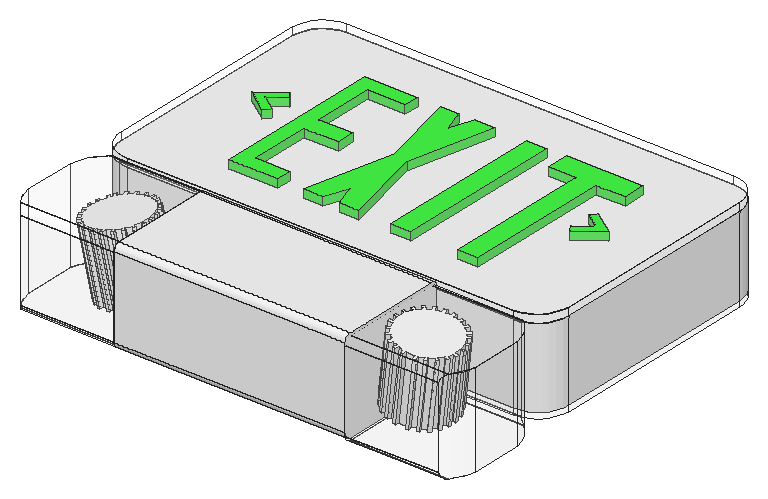
Revit family "DYNC_Wall", category Lighting Fixtures, host Face, Revit 2021
Family settings
  Host = Face
  Round Connector Dimension = Use Diameter
  Part Type = Normal
  OmniClass Number = 23.80.70.11.21
  OmniClass Title = Emergency Lighting
  Cut with Voids When Loaded = No
  Light Source = No
  Shared = No
  Room Calculation Point = No
Parameters (values of type "DYNC-D-G")
  zz Length 1 [instance] = if(Single Face, 0.200", 0.250")  # 0.200"
  Watts = 3.72 W
  Wattage Comments = "3.72 W"
  Warranty = "Fixture: 5 Years Full; Battery: 2 Years Full, 8 Years Pro-Rata"  # constant formula
  Wall Plate Material = Black
  Voltage [instance] = if(Is 120VAC, 120 V, 277 V)  # 120 V
  URL = "https://www.currentlighting.com/dual-lite"
  Type Comments = "Exit Light"  # constant formula
  Single Face = yes
  Product Page URL = ""
  Product Documentation Link = ""
  Model = "DYNC"  # constant formula
  Manufacturer = "DUAL-LITE"  # constant formula
  Load Classification = Lighting
  Lens = Green Glass
  Lamp = "LED Lamp"  # constant formula
  Is 277VAC [instance] = not(Is 120VAC)  # no
  Is 120VAC [instance] = yes
  Holder Material = Steel
  Glass = Light Glass
  Finish = White
  Features = "NEMA 4X Rated\r\nUL Sanitation Certified\r\nFull Lumen output over 90 minutes of battery discharge\r\nHeavy Duty die-cast construction with polycarbonate shields\r\nLong-life Lithium Iron Phosphate battery\r\nRed or Green Letters in White or Black Finish\r\nWall, Ceiling or End Mount"  # constant formula
  Double Face = yes
  Description = "DYNC Series is a highly versatile superior lumen output, industrial application combination Exit/Emergency lighting unit designed to provide a minimum of 90 minutes illumination when primary power is lost."  # constant formula
  Default Elevation = 48.000"
  Certification = "UL 924 Listed\r\nNFPA 101 Life Safety Code\r\nCEC T20 Compliant"  # constant formula
  Ceiling = Wall : W1
  Application = "NEMA 4 X, Wet, Industrial"  # constant formula
  Apparent Load = Watts  # 3.72 VA
Types (4): name | Lens | Double Face
  DYNC-S-R | Red Glass | no
  DYNC-S-G | Green Glass | no
  DYNC-D-G | Green Glass | yes
  DYNC-D-R | Red Glass | yes
Reference planes (in)
  plane 1 "Center (Front/Back)": y = 0
  plane 2: z = 0
  plane 3 "Center (Left/Right)": x = 0
  plane 4: x = -6.25
  plane 5: x = 6.25
  plane 6: x = -2.75
  plane 7: x = 2.75
  plane 8: z = 9.3
  plane 9: y = -1.25
  plane 10: y = 1.25
  plane 11: y = -2.2
  plane 12: y = 2.2
Forms (in)
  Extrusion 1, solid, material "Black" <- "Wall Plate Material"
    sketch origin (-0.33698, -0.33698, 0) x (1, 0, 0) y (0, 0, 1)
      loop
        line (2.20258, 0) -> (2.20258, 0.24288) -> (1.0795, 0.24288)
        arc (1.0795, 0.24288) -> (0.94157, 0.42301) -> (0.97906, 0.64676) r 0.28476
        line (0.97906, 0.64676) -> (-0.97906, 0.64676)
        arc (-0.97906, 0.64676) -> (-0.94157, 0.42301) -> (-1.0795, 0.24288) r 0.28476
        line (-1.0795, 0.24288) -> (-2.20258, 0.24288) -> (-2.20258, 0) -> (2.20258, 0)
    from -2.75 to 2.75
Dimensions and locks (in)
  plane 4 to plane 3 "Center (Left/Right)" = 6.250"
  equal spacing: plane 4, plane 3 "Center (Left/Right)", plane 5
  equal spacing: plane 6, plane 3 "Center (Left/Right)", plane 7
  plane 6 to plane 3 "Center (Left/Right)" = 2.750"
  plane 7 to plane 6 = 5.500"
  plane 5 to plane 4 = 12.500"
  aligned and locked: plane 2 to host face
  aligned and locked: level to host face
Automatic sketch dimensions
  host sketch curve to host sketch curve = 96.000"  (x2)
  Extrusion 1 sketch curve to level = 0.000"
  plane 6 to Extrusion 1 sketch curve = 0.21043"
  level to Extrusion 1 sketch curve = 0.49173"
  Extrusion 1 sketch curve to Extrusion 1 sketch curve = 0.98467"
  Extrusion 1 sketch curve to Extrusion 1 sketch curve = 0.13842"  (x2)
  Extrusion 1 sketch curve to Extrusion 1 sketch curve = 0.23886"
  plane 3 "Center (Left/Right)" to Extrusion 1 sketch curve = 0.64208"
  Extrusion 1 sketch curve to Extrusion 1 sketch curve = 0.10044"
  level to Extrusion 1 sketch curve = 0.24288"
  Extrusion 1 sketch curve to plane 7 = 0.8844"
  Extrusion 1 sketch curve to Extrusion 1 sketch curve = 0.24288"
Nested families (in)
  nested 1: "Wall" at (-0.3125, 0, 0.5625) x (-1, 0, 0) z (0, 0, 1), type <- "Ceiling", type "W1"
  nested 2: "Light Source" at (-4.86452, -5.18717, 3.416) x (-0.9925, 0.1219, 0) z (0, 0, 1), type "ies"
  nested 3: "Light Source" at (4.86452, -5.18717, 3.416) x (0.9925, 0.1219, 0) z (0, 0, 1), type "ies"
Connectors (in)
  electrical at (-0.33698, -0.33698, 0), driven by "Voltage", driven by "Apparent Load"
    settings: on Extrusion 1, index 1, voltage 120 V, apparent load 3.72 VA, apparent load phase1 0 VA, apparent load phase2 0 VA, apparent load phase3 0 VA, power factor 1, load classification "Other", number of poles 1, system type 30, power factor state 1, is connector primary yes, connector utility no, sub classification motor no, connector description "Lighting Connector"
Definition of nested family "Wall"
  Parameters
    Width = 3.100"
    Single Face = yes
    Lens = none
    Glass = none
    Finish = none
    Double Face = no
    Default Elevation = 0.000"
  Reference planes (in)
    plane 1 "Center (Front/Back)": y = 0
    plane 2: z = 0
    plane 3 "Center (Left/Right)": x = 0
    plane 4: x = -7.375
    plane 5: x = 7.375
    plane 6: z = 9.055
    plane 7: y = -1.55
    plane 8: y = 1.55
    plane 9: z = 12.8
    plane 10: z = 13.6
  Forms (in)
    Extrusion 1, solid, material <- "Finish"
      sketch origin (0, -6.83898, 1.52843) x (1, 0, 0) y (0, 1, 0)
        loop
          arc (-6.375, 9.3) -> (-7.08211, 9.00711) -> (-7.375, 8.3) r 1
          line (-7.375, 8.3) -> (-7.375, 1.25)
          arc (-7.375, 1.25) -> (-7.08211, 0.54289) -> (-6.375, 0.25) r 1
          line (-6.375, 0.25) -> (6.375, 0.25)
          arc (6.375, 0.25) -> (7.08211, 0.54289) -> (7.375, 1.25) r 1
          line (7.375, 1.25) -> (7.375, 8.3)
          arc (7.375, 8.3) -> (7.08211, 9.00711) -> (6.375, 9.3) r 1
          line (6.375, 9.3) -> (-6.375, 9.3)
      from -1.3125 to 1.3125
    Extrusion 2, solid, material <- "Lens", visible <- "Single Face"
      sketch origin (0, -5.58898, 2.21593) x (1, 0, 0) y (0, 1, 0)
        loop
          line (-4.88814, 3.88778) -> (-5.7073, 3.3142) -> (-4.88814, 2.74063) -> (-4.74475, 2.94542) -> (-5.27143, 3.3142) -> (-4.74475, 3.68299) -> (-4.88814, 3.88778)
        loop
          line (5.26314, 3.88778) -> (5.11975, 3.68299) -> (5.64643, 3.3142) -> (5.11975, 2.94542) -> (5.26314, 2.74063) -> (6.0823, 3.3142) -> (5.26314, 3.88778)
        loop
          line (2.68416, 6.45678) -> (2.68416, 5.97564) -> (3.8216, 5.97564) -> (3.8216, 3.97225) -> (2.68416, 3.97225) -> (2.68416, 3.36683) -> (3.80274, 3.3823) -> (3.80274, 1.3823) -> (2.55274, 1.3823) -> (2.55274, 0.8823) -> (4.30274, 0.8823) -> (4.30274, 6.45678) -> (2.68416, 6.45678)
        loop
          line (1.83093, 6.45573) -> (1.20036, 6.45573) -> (0.92318, 5.69418) -> (0.646, 6.45573) -> (0.01543, 6.45573) -> (0.65867, 3.66954) -> (0.01543, 0.88335) -> (0.646, 0.88335) -> (0.92318, 1.64489) -> (1.20036, 0.88335) -> (1.78078, 0.88335) -> (1.16261, 3.56092) -> (1.83093, 6.45573)
        loop
          line (-1.71319, 6.47228) -> (-1.71319, 0.88335) -> (-1.04357, 0.88335) -> (-1.04357, 6.47228) -> (-1.71319, 6.47228)
        loop
          line (-2.38057, 0.88335) -> (-2.38057, 1.61488) -> (-3.25288, 1.61488) -> (-3.25288, 6.47228) -> (-3.9225, 6.47228) -> (-3.9225, 1.61488) -> (-4.89234, 1.61488) -> (-4.89234, 0.88335) -> (-2.38057, 0.88335)
      from 0.625 to 0.89107
    Extrusion 3, solid, material <- "Glass", visible <- "Single Face"
      sketch origin (0, -6.83898, 2.21593) x (1, 0, 0) y (0, 1, 0)
        loop
          line (-7.375, 8.305) -> (-7.375, 1.25)
          arc (-7.375, 1.25) -> (-7.08211, 0.54289) -> (-6.375, 0.25) r 1
          line (-6.375, 0.25) -> (6.375, 0.25)
          arc (6.375, 0.25) -> (7.08211, 0.54289) -> (7.375, 1.25) r 1
          line (7.375, 1.25) -> (7.375, 8.305)
          arc (7.375, 8.305) -> (7.08211, 9.01211) -> (6.375, 9.305) r 1
          line (6.375, 9.305) -> (-6.375, 9.305)
          arc (-6.375, 9.305) -> (-7.08211, 9.01211) -> (-7.375, 8.305) r 1
      from 0.625 to 0.89107
    Extrusion 4, solid, material <- "Glass", visible <- "Double Face"
      sketch origin (0, -6.83898, 0.84093) x (0, -1, 0) y (-1, 0, 0)
        loop
          line (-8.3, -7.375) -> (-1.25, -7.375)
          arc (-1.25, -7.375) -> (-0.54289, -7.08211) -> (-0.25, -6.375) r 1
          line (-0.25, -6.375) -> (-0.25, 6.375)
          arc (-0.25, 6.375) -> (-0.54289, 7.08211) -> (-1.25, 7.375) r 1
          line (-1.25, 7.375) -> (-8.3, 7.375)
          arc (-8.3, 7.375) -> (-9.00711, 7.08211) -> (-9.3, 6.375) r 1
          line (-9.3, 6.375) -> (-9.3, -6.375)
          arc (-9.3, -6.375) -> (-9.00711, -7.08211) -> (-8.3, -7.375) r 1
      from 0.625 to 0.84093
    Extrusion 5, solid, material <- "Finish"
      sketch origin (0, -6.58898, 1.5535) x (0, 0, -1) y (0, 1, 0)
        loop
          arc (1.40408, 9.05) -> (1.50726, 9.09274) -> (1.55, 9.19592) r 0.14592
          line (1.55, 9.19592) -> (1.55, 12.58698)
          arc (1.55, 12.58698) -> (1.48761, 12.73761) -> (1.33698, 12.8) r 0.21302
          line (1.33698, 12.8) -> (-1.33575, 12.8)
          arc (-1.33575, 12.8) -> (-1.48725, 12.73725) -> (-1.55, 12.58575) r 0.21425
          line (-1.55, 12.58575) -> (-1.55, 9.2302)
          arc (-1.55, 9.2302) -> (-1.49722, 9.10278) -> (-1.3698, 9.05) r 0.1802
          line (-1.3698, 9.05) -> (1.40408, 9.05)
      from -3.80274 to 3.8216
    Extrusion 6, solid, material <- "Glass"
      sketch origin (-8.5, -6.58898, 1.45975) x (0, 0, -1) y (0, 1, 0)
        loop
          arc (1.40408, 9.05) -> (1.50726, 9.09274) -> (1.55, 9.19592) r 0.14592
          line (1.55, 9.19592) -> (1.55, 12.58698)
          arc (1.55, 12.58698) -> (1.48761, 12.73761) -> (1.33698, 12.8) r 0.21302
          line (1.33698, 12.8) -> (-1.33575, 12.8)
          arc (-1.33575, 12.8) -> (-1.48725, 12.73725) -> (-1.55, 12.58575) r 0.21425
          line (-1.55, 12.58575) -> (-1.55, 9.2302)
          arc (-1.55, 9.2302) -> (-1.49722, 9.10278) -> (-1.3698, 9.05) r 0.1802
          line (-1.3698, 9.05) -> (1.40408, 9.05)
      from 1.125 to 4.69726
    Extrusion 7, solid, material <- "Glass"
      sketch origin (8.5, -6.58898, 1.5535) x (0, 0, -1) y (0, -1, 0)
        loop
          line (1.40408, -9.05) -> (-1.3698, -9.05)
          arc (-1.3698, -9.05) -> (-1.49722, -9.10278) -> (-1.55, -9.2302) r 0.1802
          line (-1.55, -9.2302) -> (-1.55, -12.58575)
          arc (-1.55, -12.58575) -> (-1.48725, -12.73725) -> (-1.33575, -12.8) r 0.21425
          line (-1.33575, -12.8) -> (1.33698, -12.8)
          arc (1.33698, -12.8) -> (1.48761, -12.73761) -> (1.55, -12.58698) r 0.21302
          line (1.55, -12.58698) -> (1.55, -9.19592)
          arc (1.55, -9.19592) -> (1.50726, -9.09274) -> (1.40408, -9.05) r 0.14592
      from 1.125 to 4.69726
    Extrusion 8, void
      sketch origin (0.03125, -6.58898, 1.5535) x (1, 0, 0) y (0, 1, 0)
        loop
          line (-6.4079, 13.16468) -> (-7.87985, 13.16468) -> (-7.87985, 9.05) -> (-6.6482, 9.05)
          arc (-6.6482, 9.05) -> (-7.21595, 9.64124) -> (-7.4355, 10.43099) r 1.67637
          line (-7.4355, 10.43099) -> (-7.4355, 11.60825)
          arc (-7.4355, 11.60825) -> (-7.14621, 12.53469) -> (-6.4079, 13.16468) r 1.75073
      from -1.74651 to 1.7598
    Extrusion 9, void
      sketch origin (-0.03125, -6.58898, 1.5535) x (-1, 0, 0) y (0, -1, 0)
        loop
          arc (-6.4079, -13.16468) -> (-7.14621, -12.53469) -> (-7.4355, -11.60825) r 1.75073
          line (-7.4355, -11.60825) -> (-7.4355, -10.43099)
          arc (-7.4355, -10.43099) -> (-7.21595, -9.64124) -> (-6.6482, -9.05) r 1.67637
          line (-6.6482, -9.05) -> (-7.87985, -9.05) -> (-7.87985, -13.16468) -> (-6.4079, -13.16468)
      from -1.74651 to 1.7598
    Extrusion 10, solid, material <- "Finish"
      sketch origin (1.24099, -6.1957, 3.49858) x (-0.984206, -0.060547, -0.166352) y (0.045818, -0.994797, 0.090997)
        loop
          line (5.62448, -11.89005) -> (5.62448, -12.01258) -> (5.71473, -12.01258) -> (5.71473, -11.89413)
          arc (5.71473, -11.89413) -> (5.84526, -11.88558) -> (5.97355, -11.86006) r 1
          line (5.97355, -11.86006) -> (6.00421, -11.97447) -> (6.09138, -11.95111) -> (6.05967, -11.83276)
          arc (6.05967, -11.83276) -> (6.13876, -11.79978) -> (6.21473, -11.76016) r 1
          line (6.21473, -11.76016) -> (6.27395, -11.86274) -> (6.35212, -11.81761) -> (6.29085, -11.7115)
          arc (6.29085, -11.7115) -> (6.35871, -11.65918) -> (6.42184, -11.60124) r 1
          line (6.42184, -11.60124) -> (6.50559, -11.68499) -> (6.56941, -11.62117) -> (6.48277, -11.53453)
          arc (6.48277, -11.53453) -> (6.53477, -11.46643) -> (6.58076, -11.39413) r 1
          line (6.58076, -11.39413) -> (6.68333, -11.45336) -> (6.72846, -11.37519) -> (6.62235, -11.31393)
          arc (6.62235, -11.31393) -> (6.65495, -11.23469) -> (6.68066, -11.15295) r 1
          line (6.68066, -11.15295) -> (6.79507, -11.18361) -> (6.81843, -11.09643) -> (6.70007, -11.06472)
          arc (6.70007, -11.06472) -> (6.71106, -10.97974) -> (6.71473, -10.89413) r 1
          line (6.71473, -10.89413) -> (6.83318, -10.89413) -> (6.83318, -10.80388) -> (6.71065, -10.80388)
          arc (6.71065, -10.80388) -> (6.69927, -10.71895) -> (6.68066, -10.63531) r 1
          line (6.68066, -10.63531) -> (6.79507, -10.60466) -> (6.77171, -10.51748) -> (6.65335, -10.54919)
          arc (6.65335, -10.54919) -> (6.62038, -10.4701) -> (6.58076, -10.39413) r 1
          line (6.58076, -10.39413) -> (6.68333, -10.33491) -> (6.63821, -10.25675) -> (6.53209, -10.31801)
          arc (6.53209, -10.31801) -> (6.50808, -10.28537) -> (6.48277, -10.25373) r 1
          line (6.48277, -10.25373) -> (6.56941, -10.16709) -> (6.50559, -10.10327) -> (6.42184, -10.18702)
          arc (6.42184, -10.18702) -> (6.35871, -10.12909) -> (6.29085, -10.07677) r 1
          line (6.29085, -10.07677) -> (6.35212, -9.97065) -> (6.27395, -9.92553) -> (6.21473, -10.02811)
          arc (6.21473, -10.02811) -> (6.13876, -9.98848) -> (6.05967, -9.95551) r 1
          line (6.05967, -9.95551) -> (6.09138, -9.83715) -> (6.00421, -9.81379) -> (5.97355, -9.92821)
          arc (5.97355, -9.92821) -> (5.88991, -9.9096) -> (5.80498, -9.89821) r 1
          line (5.80498, -9.89821) -> (5.80498, -9.77568) -> (5.71473, -9.77568) -> (5.71473, -9.89413)
          arc (5.71473, -9.89413) -> (5.62912, -9.8978) -> (5.54415, -9.90879) r 1
          line (5.54415, -9.90879) -> (5.51243, -9.79043) -> (5.42525, -9.81379) -> (5.45591, -9.92821)
          arc (5.45591, -9.92821) -> (5.37417, -9.95391) -> (5.29493, -9.98651) r 1
          line (5.29493, -9.98651) -> (5.23367, -9.8804) -> (5.15551, -9.92553) -> (5.21473, -10.02811)
          arc (5.21473, -10.02811) -> (5.14243, -10.07409) -> (5.07433, -10.12609) r 1
          line (5.07433, -10.12609) -> (4.98769, -10.03945) -> (4.92387, -10.10327) -> (5.00762, -10.18702)
          arc (5.00762, -10.18702) -> (4.94969, -10.25015) -> (4.89737, -10.31801) r 1
          line (4.89737, -10.31801) -> (4.79125, -10.25675) -> (4.74613, -10.33491) -> (4.8487, -10.39413)
          arc (4.8487, -10.39413) -> (4.80908, -10.4701) -> (4.77611, -10.54919) r 1
          line (4.77611, -10.54919) -> (4.65775, -10.51748) -> (4.63439, -10.60466) -> (4.7488, -10.63531)
          arc (4.7488, -10.63531) -> (4.73019, -10.71895) -> (4.71881, -10.80388) r 1
          line (4.71881, -10.80388) -> (4.59628, -10.80388) -> (4.59628, -10.89413) -> (4.71473, -10.89413)
          arc (4.71473, -10.89413) -> (4.7184, -10.97974) -> (4.72939, -11.06472) r 1
          line (4.72939, -11.06472) -> (4.61103, -11.09643) -> (4.63439, -11.18361) -> (4.7488, -11.15295)
          arc (4.7488, -11.15295) -> (4.77451, -11.23469) -> (4.80711, -11.31393) r 1
          line (4.80711, -11.31393) -> (4.701, -11.37519) -> (4.74613, -11.45336) -> (4.8487, -11.39413)
          arc (4.8487, -11.39413) -> (4.89469, -11.46643) -> (4.94669, -11.53453) r 1
          line (4.94669, -11.53453) -> (4.86005, -11.62117) -> (4.92387, -11.68499) -> (5.00762, -11.60124)
          arc (5.00762, -11.60124) -> (5.07075, -11.65918) -> (5.13861, -11.7115) r 1
          line (5.13861, -11.7115) -> (5.07734, -11.81761) -> (5.15551, -11.86274) -> (5.21473, -11.76016)
          arc (5.21473, -11.76016) -> (5.2907, -11.79978) -> (5.36979, -11.83276) r 1
          line (5.36979, -11.83276) -> (5.33808, -11.95111) -> (5.42525, -11.97447) -> (5.45591, -11.86006)
          arc (5.45591, -11.86006) -> (5.53955, -11.87867) -> (5.62448, -11.89005) r 1
      from -1.05758 to 1.28743
    Extrusion 11, solid, material <- "Finish"
      sketch origin (-1.24099, -6.22603, 3.31504) x (0.984206, -0.057635, -0.167383) y (0.045818, 0.996233, -0.073622)
        loop
          arc (5.62448, 11.89005) -> (5.53955, 11.87867) -> (5.45591, 11.86006) r 1
          line (5.45591, 11.86006) -> (5.42525, 11.97447) -> (5.33808, 11.95111) -> (5.36979, 11.83276)
          arc (5.36979, 11.83276) -> (5.2907, 11.79978) -> (5.21473, 11.76016) r 1
          line (5.21473, 11.76016) -> (5.15551, 11.86274) -> (5.07734, 11.81761) -> (5.13861, 11.7115)
          arc (5.13861, 11.7115) -> (5.07075, 11.65918) -> (5.00762, 11.60124) r 1
          line (5.00762, 11.60124) -> (4.92387, 11.68499) -> (4.86005, 11.62117) -> (4.94669, 11.53453)
          arc (4.94669, 11.53453) -> (4.89469, 11.46643) -> (4.8487, 11.39413) r 1
          line (4.8487, 11.39413) -> (4.74613, 11.45336) -> (4.701, 11.37519) -> (4.80711, 11.31393)
          arc (4.80711, 11.31393) -> (4.77451, 11.23469) -> (4.7488, 11.15295) r 1
          line (4.7488, 11.15295) -> (4.63439, 11.18361) -> (4.61103, 11.09643) -> (4.72939, 11.06472)
          arc (4.72939, 11.06472) -> (4.7184, 10.97974) -> (4.71473, 10.89413) r 1
          line (4.71473, 10.89413) -> (4.59628, 10.89413) -> (4.59628, 10.80388) -> (4.71881, 10.80388)
          arc (4.71881, 10.80388) -> (4.73019, 10.71895) -> (4.7488, 10.63531) r 1
          line (4.7488, 10.63531) -> (4.63439, 10.60466) -> (4.65775, 10.51748) -> (4.77611, 10.54919)
          arc (4.77611, 10.54919) -> (4.80908, 10.4701) -> (4.8487, 10.39413) r 1
          line (4.8487, 10.39413) -> (4.74613, 10.33491) -> (4.79125, 10.25675) -> (4.89737, 10.31801)
          arc (4.89737, 10.31801) -> (4.94969, 10.25015) -> (5.00762, 10.18702) r 1
          line (5.00762, 10.18702) -> (4.92387, 10.10327) -> (4.98769, 10.03945) -> (5.07433, 10.12609)
          arc (5.07433, 10.12609) -> (5.14243, 10.07409) -> (5.21473, 10.02811) r 1
          line (5.21473, 10.02811) -> (5.15551, 9.92553) -> (5.23367, 9.8804) -> (5.29493, 9.98651)
          arc (5.29493, 9.98651) -> (5.37417, 9.95391) -> (5.45591, 9.92821) r 1
          line (5.45591, 9.92821) -> (5.42525, 9.81379) -> (5.51243, 9.79043) -> (5.54415, 9.90879)
          arc (5.54415, 9.90879) -> (5.62912, 9.8978) -> (5.71473, 9.89413) r 1
          line (5.71473, 9.89413) -> (5.71473, 9.77568) -> (5.80498, 9.77568) -> (5.80498, 9.89821)
          arc (5.80498, 9.89821) -> (5.88991, 9.9096) -> (5.97355, 9.92821) r 1
          line (5.97355, 9.92821) -> (6.00421, 9.81379) -> (6.09138, 9.83715) -> (6.05967, 9.95551)
          arc (6.05967, 9.95551) -> (6.13876, 9.98848) -> (6.21473, 10.02811) r 1
          line (6.21473, 10.02811) -> (6.27395, 9.92553) -> (6.35212, 9.97065) -> (6.29085, 10.07677)
          arc (6.29085, 10.07677) -> (6.35871, 10.12909) -> (6.42184, 10.18702) r 1
          line (6.42184, 10.18702) -> (6.50559, 10.10327) -> (6.56941, 10.16709) -> (6.48277, 10.25373)
          arc (6.48277, 10.25373) -> (6.50808, 10.28537) -> (6.53209, 10.31801) r 1
          line (6.53209, 10.31801) -> (6.63821, 10.25675) -> (6.68333, 10.33491) -> (6.58076, 10.39413)
          arc (6.58076, 10.39413) -> (6.62038, 10.4701) -> (6.65335, 10.54919) r 1
          line (6.65335, 10.54919) -> (6.77171, 10.51748) -> (6.79507, 10.60466) -> (6.68066, 10.63531)
          arc (6.68066, 10.63531) -> (6.69927, 10.71895) -> (6.71065, 10.80388) r 1
          line (6.71065, 10.80388) -> (6.83318, 10.80388) -> (6.83318, 10.89413) -> (6.71473, 10.89413)
          arc (6.71473, 10.89413) -> (6.71106, 10.97974) -> (6.70007, 11.06472) r 1
          line (6.70007, 11.06472) -> (6.81843, 11.09643) -> (6.79507, 11.18361) -> (6.68066, 11.15295)
          arc (6.68066, 11.15295) -> (6.65495, 11.23469) -> (6.62235, 11.31393) r 1
          line (6.62235, 11.31393) -> (6.72846, 11.37519) -> (6.68333, 11.45336) -> (6.58076, 11.39413)
          arc (6.58076, 11.39413) -> (6.53477, 11.46643) -> (6.48277, 11.53453) r 1
          line (6.48277, 11.53453) -> (6.56941, 11.62117) -> (6.50559, 11.68499) -> (6.42184, 11.60124)
          arc (6.42184, 11.60124) -> (6.35871, 11.65918) -> (6.29085, 11.7115) r 1
          line (6.29085, 11.7115) -> (6.35212, 11.81761) -> (6.27395, 11.86274) -> (6.21473, 11.76016)
          arc (6.21473, 11.76016) -> (6.13876, 11.79978) -> (6.05967, 11.83276) r 1
          line (6.05967, 11.83276) -> (6.09138, 11.95111) -> (6.00421, 11.97447) -> (5.97355, 11.86006)
          arc (5.97355, 11.86006) -> (5.84526, 11.88558) -> (5.71473, 11.89413) r 1
          line (5.71473, 11.89413) -> (5.71473, 12.01258) -> (5.62448, 12.01258) -> (5.62448, 11.89005)
      from -1.05758 to 1.28743
  Cuts and joins
    Extrusion 8 cuts Extrusion 1
    Extrusion 8 cuts Extrusion 3
    Extrusion 8, Extrusion 9 cuts Extrusion 6
    Extrusion 9 cuts Extrusion 7
  Dimensions and locks (in)
    plane 6 to level = 9.055"
    plane 5 to plane 4 = 14.750"
    equal spacing: plane 5, plane 3 "Center (Left/Right)", plane 4
    "Width": plane 8 to plane 7
    equal spacing: plane 8, plane 1 "Center (Front/Back)", plane 7
    aligned and locked: plane 2 to level
  Automatic sketch dimensions
    Extrusion 1 sketch curve to plane 4 = 0.000"
    Extrusion 1 sketch curve to plane 5 = 0.000"
    plane 4 to Extrusion 1 sketch curve = 1.000"  (x2)
    plane 8 to Extrusion 1 sketch curve = 0.08898"
    Extrusion 1 sketch curve to plane 5 = 1.000"  (x2)
    plane 7 to Extrusion 1 sketch curve = 4.03898"
    plane 7 to Extrusion 2 sketch curve = 0.72478"  (x2)
    plane 4 to Extrusion 2 sketch curve = 1.6677"
    Extrusion 2 sketch curve to Extrusion 2 sketch curve = 0.43586"
    Extrusion 2 sketch curve to Extrusion 2 sketch curve = 0.37909"
    Extrusion 2 sketch curve to Extrusion 2 sketch curve = 0.38329"  (x2)
    plane 7 to Extrusion 2 sketch curve = 0.1512"  (x2)
    plane 7 to Extrusion 2 sketch curve = 1.09357"  (x2)
    plane 8 to Extrusion 2 sketch curve = 0.6667"  (x2)
    Extrusion 2 sketch curve to Extrusion 2 sketch curve = 0.96565"
    Extrusion 2 sketch curve to Extrusion 2 sketch curve = 0.66962"  (x2)
    Extrusion 2 sketch curve to Extrusion 2 sketch curve = 0.87231"
    Extrusion 2 sketch curve to Extrusion 2 sketch curve = 0.66738"
    plane 3 "Center (Left/Right)" to Extrusion 2 sketch curve = 0.01543"  (x2)
    Extrusion 2 sketch curve to Extrusion 2 sketch curve = 0.63057"  (x3)
    plane 3 "Center (Left/Right)" to Extrusion 2 sketch curve = 0.65867"
    Extrusion 2 sketch curve to Extrusion 2 sketch curve = 0.27718"  (x2)
    Extrusion 2 sketch curve to plane 1 "Center (Front/Back)" = 0.1052"
    plane 7 to Extrusion 2 sketch curve = 0.47806"
    Extrusion 2 sketch curve to Extrusion 2 sketch curve = 0.50394"
    Extrusion 2 sketch curve to Extrusion 2 sketch curve = 0.55436"  (x2)
    Extrusion 2 sketch curve to Extrusion 2 sketch curve = 0.58042"
    Extrusion 2 sketch curve to Extrusion 2 sketch curve = 0.77196"
    Extrusion 2 sketch curve to plane 1 "Center (Front/Back)" = 0.38666"
    Extrusion 2 sketch curve to Extrusion 2 sketch curve = 0.85323"
    plane 7 to Extrusion 2 sketch curve = 0.67215"
    Extrusion 2 sketch curve to Extrusion 2 sketch curve = 1.52154"
    Extrusion 2 sketch curve to Extrusion 2 sketch curve = 1.11859"
    plane 7 to Extrusion 2 sketch curve = 0.06673"
    Extrusion 2 sketch curve to Extrusion 2 sketch curve = 0.01886"
    Extrusion 2 sketch curve to Extrusion 2 sketch curve = 0.48114"  (x2)
    Extrusion 2 sketch curve to Extrusion 2 sketch curve = 1.31701"
    plane 7 to Extrusion 2 sketch curve = 0.35599"
    Extrusion 2 sketch curve to Extrusion 2 sketch curve = 0.000"  (x3)
    Extrusion 2 sketch curve to Extrusion 2 sketch curve = 0.14339"  (x2)
    plane 7 to Extrusion 2 sketch curve = 1.29836"
    Extrusion 2 sketch curve to Extrusion 2 sketch curve = 1.91603"
    Extrusion 2 sketch curve to Extrusion 2 sketch curve = 1.12575"
    Extrusion 2 sketch curve to Extrusion 2 sketch curve = 0.2626"
    Extrusion 2 sketch curve to Extrusion 2 sketch curve = 0.73153"  (x2)
    Extrusion 2 sketch curve to Extrusion 2 sketch curve = 0.49894"
    Extrusion 2 sketch curve to Extrusion 2 sketch curve = 0.500"
    Extrusion 2 sketch curve to Extrusion 2 sketch curve = 0.58995"
    plane 7 to Extrusion 2 sketch curve = 0.36944"
    plane 8 to Extrusion 2 sketch curve = 0.68326"  (x2)
    Extrusion 3 sketch curve to plane 4 = 0.000"
    Extrusion 3 sketch curve to plane 5 = 0.000"
    plane 4 to Extrusion 3 sketch curve = 1.000"
    plane 8 to Extrusion 3 sketch curve = 0.08398"
    Extrusion 3 sketch curve to Extrusion 3 sketch curve = 1.000"
    Extrusion 3 sketch curve to plane 5 = 1.000"  (x2)
    plane 7 to Extrusion 3 sketch curve = 4.03898"
    Extrusion 4 sketch curve to plane 5 = 0.000"
    Extrusion 4 sketch curve to plane 4 = 0.000"
    Extrusion 4 sketch curve to plane 8 = 0.91102"
    plane 8 to Extrusion 4 sketch curve = 0.08898"  (x2)
    plane 4 to Extrusion 4 sketch curve = 1.000"
    plane 7 to Extrusion 4 sketch curve = 4.03898"
    Extrusion 4 sketch curve to Extrusion 4 sketch curve = 1.000"
    Extrusion 5 sketch curve to plane 6 = 5.9515"
    Extrusion 5 sketch curve to Extrusion 5 sketch curve = 0.1802"
    Extrusion 5 sketch curve to Extrusion 5 sketch curve = 0.21425"
    Extrusion 5 sketch curve to Extrusion 5 sketch curve = 2.67274"
    Extrusion 5 sketch curve to plane 8 = 1.05694"
    Extrusion 5 sketch curve to Extrusion 5 sketch curve = 2.77389"
    Extrusion 5 sketch curve to Extrusion 5 sketch curve = 0.21302"
    Extrusion 5 sketch curve to Extrusion 5 sketch curve = 3.35556"
    Extrusion 6 sketch curve to plane 6 = 6.04525"
    Extrusion 6 sketch curve to Extrusion 6 sketch curve = 0.1802"
    Extrusion 6 sketch curve to Extrusion 6 sketch curve = 0.21425"
    Extrusion 6 sketch curve to Extrusion 6 sketch curve = 2.67274"
    Extrusion 6 sketch curve to plane 8 = 1.05694"
    Extrusion 6 sketch curve to Extrusion 6 sketch curve = 2.77389"
    Extrusion 6 sketch curve to Extrusion 6 sketch curve = 0.21302"
    Extrusion 6 sketch curve to Extrusion 6 sketch curve = 3.35556"
    Extrusion 7 sketch curve to plane 6 = 5.9515"
    Extrusion 7 sketch curve to Extrusion 7 sketch curve = 0.1802"
    Extrusion 7 sketch curve to Extrusion 7 sketch curve = 0.21425"
    Extrusion 7 sketch curve to Extrusion 7 sketch curve = 2.67274"
    Extrusion 7 sketch curve to plane 8 = 1.05694"
    Extrusion 7 sketch curve to Extrusion 7 sketch curve = 2.77389"
    Extrusion 7 sketch curve to Extrusion 7 sketch curve = 0.21302"
    Extrusion 7 sketch curve to Extrusion 7 sketch curve = 3.35556"
    Extrusion 8 sketch curve to plane 4 = 0.4736"
    Extrusion 8 sketch curve to plane 4 = 0.02925"
    plane 4 to Extrusion 8 sketch curve = 0.75805"
    plane 4 to Extrusion 8 sketch curve = 0.99835"
    plane 4 to Extrusion 8 sketch curve = 1.64663"
    Extrusion 8 sketch curve to Extrusion 8 sketch curve = 0.07444"
    Extrusion 8 sketch curve to plane 8 = 0.91102"
    Extrusion 8 sketch curve to Extrusion 8 sketch curve = 1.38099"
    Extrusion 8 sketch curve to Extrusion 8 sketch curve = 1.0986"
    Extrusion 8 sketch curve to Extrusion 8 sketch curve = 1.17726"
    plane 5 to Extrusion 9 sketch curve = 0.4736"
    plane 5 to Extrusion 9 sketch curve = 0.02925"
    Extrusion 9 sketch curve to plane 5 = 0.75805"
    Extrusion 9 sketch curve to plane 5 = 0.99835"
    Extrusion 9 sketch curve to plane 5 = 1.64663"
    Extrusion 9 sketch curve to Extrusion 9 sketch curve = 0.07444"
    Extrusion 9 sketch curve to plane 8 = 5.0257"
    Extrusion 9 sketch curve to Extrusion 9 sketch curve = 1.55643"
    Extrusion 9 sketch curve to Extrusion 9 sketch curve = 1.0986"
    Extrusion 9 sketch curve to Extrusion 9 sketch curve = 1.17726"
    Extrusion 10 sketch curve to Extrusion 10 sketch curve = 0.000"  (x552)
    Extrusion 10 sketch curve to Extrusion 10 sketch curve = 0.01475"
    Extrusion 10 sketch curve to Extrusion 10 sketch curve = 0.03811"  (x3)
    Extrusion 10 sketch curve to Extrusion 10 sketch curve = 0.02336"  (x6)
    Extrusion 10 sketch curve to Extrusion 10 sketch curve = 0.06661"
    Extrusion 10 sketch curve to Extrusion 10 sketch curve = 0.11845"  (x2)
    Extrusion 10 sketch curve to Extrusion 10 sketch curve = 0.00408"  (x2)
    Extrusion 10 sketch curve to Extrusion 10 sketch curve = 0.11835"  (x2)
    Extrusion 10 sketch curve to Extrusion 10 sketch curve = 0.04513"  (x4)
    Extrusion 10 sketch curve to Extrusion 10 sketch curve = 0.08837"
    Extrusion 10 sketch curve to Extrusion 10 sketch curve = 0.11441"  (x2)
    Extrusion 10 sketch curve to Extrusion 10 sketch curve = 0.01942"  (x3)
    Extrusion 10 sketch curve to Extrusion 10 sketch curve = 0.0273"  (x3)
    Extrusion 10 sketch curve to Extrusion 10 sketch curve = 0.10611"
    Extrusion 10 sketch curve to Extrusion 10 sketch curve = 0.04159"  (x3)
    Extrusion 10 sketch curve to Extrusion 10 sketch curve = 0.10258"  (x4)
    Extrusion 10 sketch curve to Extrusion 10 sketch curve = 0.11392"
    Extrusion 10 sketch curve to Extrusion 10 sketch curve = 0.04866"  (x3)
    Extrusion 10 sketch curve to Extrusion 10 sketch curve = 0.13262"
    Extrusion 10 sketch curve to Extrusion 10 sketch curve = 0.06382"  (x4)
    Extrusion 10 sketch curve to Extrusion 10 sketch curve = 0.08664"
    Extrusion 10 sketch curve to Extrusion 10 sketch curve = 0.06093"  (x4)
    Extrusion 10 sketch curve to Extrusion 10 sketch curve = 0.08376"  (x5)
    Extrusion 10 sketch curve to Extrusion 10 sketch curve = 0.0667"  (x2)
    Extrusion 10 sketch curve to Extrusion 10 sketch curve = 0.15348"
    Extrusion 10 sketch curve to Extrusion 10 sketch curve = 0.06126"
    Extrusion 10 sketch curve to Extrusion 10 sketch curve = 0.16782"
    Extrusion 10 sketch curve to Extrusion 10 sketch curve = 0.07816"  (x4)
    Extrusion 10 sketch curve to Extrusion 10 sketch curve = 0.07612"  (x3)
    Extrusion 10 sketch curve to Extrusion 10 sketch curve = 0.05922"  (x7)
    Extrusion 10 sketch curve to Extrusion 10 sketch curve = 0.0802"
    Extrusion 10 sketch curve to Extrusion 10 sketch curve = 0.18257"
    Extrusion 10 sketch curve to Extrusion 10 sketch curve = 0.03171"
    Extrusion 10 sketch curve to Extrusion 10 sketch curve = 0.19159"
    Extrusion 10 sketch curve to Extrusion 10 sketch curve = 0.08718"  (x4)
    Extrusion 10 sketch curve to Extrusion 10 sketch curve = 0.08612"  (x3)
    Extrusion 10 sketch curve to Extrusion 10 sketch curve = 0.03066"  (x5)
    Extrusion 10 sketch curve to Extrusion 10 sketch curve = 0.08823"
    Extrusion 10 sketch curve to Extrusion 10 sketch curve = 0.16857"  (x2)
    Extrusion 10 sketch curve to Extrusion 10 sketch curve = 0.500"
    Extrusion 10 sketch curve to Extrusion 10 sketch curve = 0.09025"  (x3)
    Extrusion 10 sketch curve to Extrusion 10 sketch curve = 0.25882"
    Extrusion 10 sketch curve to Extrusion 10 sketch curve = 0.15506"  (x2)
    Extrusion 10 sketch curve to Extrusion 10 sketch curve = 0.13099"  (x2)
    Extrusion 10 sketch curve to Extrusion 10 sketch curve = 0.04932"
    Extrusion 10 sketch curve to Extrusion 10 sketch curve = 0.09799"
    Extrusion 10 sketch curve to Extrusion 10 sketch curve = 0.0688"
    Extrusion 10 sketch curve to Extrusion 10 sketch curve = 0.0726"
    Extrusion 10 sketch curve to Extrusion 10 sketch curve = 0.05831"
    Extrusion 10 sketch curve to Extrusion 10 sketch curve = 0.02999"
    Extrusion 10 sketch curve to Extrusion 10 sketch curve = 0.12253"  (x2)
    Extrusion 11 sketch curve to Extrusion 11 sketch curve = 0.000"  (x552)
    Extrusion 11 sketch curve to Extrusion 11 sketch curve = 0.01475"  (x2)
    Extrusion 11 sketch curve to Extrusion 11 sketch curve = 0.03811"  (x2)
    Extrusion 11 sketch curve to Extrusion 11 sketch curve = 0.02336"  (x6)
    Extrusion 11 sketch curve to Extrusion 11 sketch curve = 0.06661"  (x2)
    Extrusion 11 sketch curve to Extrusion 11 sketch curve = 0.11845"  (x2)
    Extrusion 11 sketch curve to Extrusion 11 sketch curve = 0.00408"  (x2)
    Extrusion 11 sketch curve to Extrusion 11 sketch curve = 0.11835"  (x2)
    Extrusion 11 sketch curve to Extrusion 11 sketch curve = 0.04513"  (x4)
    Extrusion 11 sketch curve to Extrusion 11 sketch curve = 0.08837"
    Extrusion 11 sketch curve to Extrusion 11 sketch curve = 0.11441"  (x2)
    Extrusion 11 sketch curve to Extrusion 11 sketch curve = 0.01942"  (x2)
    Extrusion 11 sketch curve to Extrusion 11 sketch curve = 0.0273"  (x4)
    Extrusion 11 sketch curve to Extrusion 11 sketch curve = 0.10611"
    Extrusion 11 sketch curve to Extrusion 11 sketch curve = 0.04159"  (x2)
    Extrusion 11 sketch curve to Extrusion 11 sketch curve = 0.10258"  (x3)
    Extrusion 11 sketch curve to Extrusion 11 sketch curve = 0.11392"
    Extrusion 11 sketch curve to Extrusion 11 sketch curve = 0.04866"  (x4)
    Extrusion 11 sketch curve to Extrusion 11 sketch curve = 0.13262"
    Extrusion 11 sketch curve to Extrusion 11 sketch curve = 0.06382"  (x4)
    Extrusion 11 sketch curve to Extrusion 11 sketch curve = 0.08664"  (x2)
    Extrusion 11 sketch curve to Extrusion 11 sketch curve = 0.06093"  (x3)
    Extrusion 11 sketch curve to Extrusion 11 sketch curve = 0.08376"  (x4)
    Extrusion 11 sketch curve to Extrusion 11 sketch curve = 0.0667"  (x3)
    Extrusion 11 sketch curve to Extrusion 11 sketch curve = 0.15348"
    Extrusion 11 sketch curve to Extrusion 11 sketch curve = 0.06126"  (x4)
    Extrusion 11 sketch curve to Extrusion 11 sketch curve = 0.16782"
    Extrusion 11 sketch curve to Extrusion 11 sketch curve = 0.07816"  (x4)
    Extrusion 11 sketch curve to Extrusion 11 sketch curve = 0.07612"  (x3)
    Extrusion 11 sketch curve to Extrusion 11 sketch curve = 0.05922"  (x3)
    Extrusion 11 sketch curve to Extrusion 11 sketch curve = 0.0802"
    Extrusion 11 sketch curve to Extrusion 11 sketch curve = 0.18257"
    Extrusion 11 sketch curve to Extrusion 11 sketch curve = 0.03171"  (x5)
    Extrusion 11 sketch curve to Extrusion 11 sketch curve = 0.19159"
    Extrusion 11 sketch curve to Extrusion 11 sketch curve = 0.08718"  (x4)
    Extrusion 11 sketch curve to Extrusion 11 sketch curve = 0.08612"  (x3)
    Extrusion 11 sketch curve to Extrusion 11 sketch curve = 0.03066"  (x3)
    Extrusion 11 sketch curve to Extrusion 11 sketch curve = 0.08823"
    Extrusion 11 sketch curve to Extrusion 11 sketch curve = 0.16857"  (x2)
    Extrusion 11 sketch curve to Extrusion 11 sketch curve = 0.34494"
    Extrusion 11 sketch curve to Extrusion 11 sketch curve = 0.09025"
    Extrusion 11 sketch curve to Extrusion 11 sketch curve = 0.25882"
    Extrusion 11 sketch curve to Extrusion 11 sketch curve = 0.15506"  (x2)
    Extrusion 11 sketch curve to Extrusion 11 sketch curve = 0.13099"  (x2)
    Extrusion 11 sketch curve to Extrusion 11 sketch curve = 0.04932"
    Extrusion 11 sketch curve to Extrusion 11 sketch curve = 0.09799"
    Extrusion 11 sketch curve to Extrusion 11 sketch curve = 0.0688"
    Extrusion 11 sketch curve to Extrusion 11 sketch curve = 0.0726"
    Extrusion 11 sketch curve to Extrusion 11 sketch curve = 0.05831"
    Extrusion 11 sketch curve to Extrusion 11 sketch curve = 0.02999"
    Extrusion 11 sketch curve to Extrusion 11 sketch curve = 0.12253"  (x2)
    Extrusion 11 sketch curve to Extrusion 11 sketch curve = 0.08966"
Definition of nested family "Light Source"
  Parameters
    Wattage = 9.2903 W
    built-in parameter 1150110 = 1 (stored number, unit not read)
    built-in parameter 1114217 = 1 (stored number, unit not read)
    Tilt Angle = 60.00°
    built-in parameter 1150109 = 1 (stored number, unit not read)
    built-in parameter 1150134 = (empty or 0)
    built-in parameter 1150113 = 1 (stored number, unit not read)
    Photometric Web File = "DYNC03.ies"
    Lumens = 1380 lm
    built-in parameter 1150115 = 1 (stored number, unit not read)
    built-in parameter 1150105 = 109.82 (stored number, unit not read)
    built-in parameter 1150137 = (empty or 0)
    built-in parameter 1150139 = (empty or 0)
    built-in parameter 1150112 = 1 (stored number, unit not read)
    built-in parameter 1150114 = 1 (stored number, unit not read)
    built-in parameter 1150132 = 2
    built-in parameter 1150102 = (empty or 0)
    built-in parameter 1150138 = (empty or 0)
    built-in parameter 1150107 = 3000 (stored number, unit not read)
    built-in parameter 1150106 = 1.0982 (stored number, unit not read)
    built-in parameter 1150104 = 13.8 (stored number, unit not read)
    Dimming Lamp Color Temperature Shift = (empty or 0)
    Default Elevation = 0.000"
    Color Filter = 16777215
    built-in parameter 1114218 = 1 (stored number, unit not read)
    built-in parameter 1150133 = 10 (stored number, unit not read)
  Reference planes (in)
    plane 1 "Light Source Axis (F/B)": y = 0
    plane 2: z = 0
    plane 3 "Light Source Axis (L/R)": x = 0
    plane 4 "Light Source Elevation": z = 51.47244
  Dimensions and locks (in)
    aligned and locked: plane 1 "Light Source Axis (F/B)" to imposter light
    aligned and locked: level to plane 2
